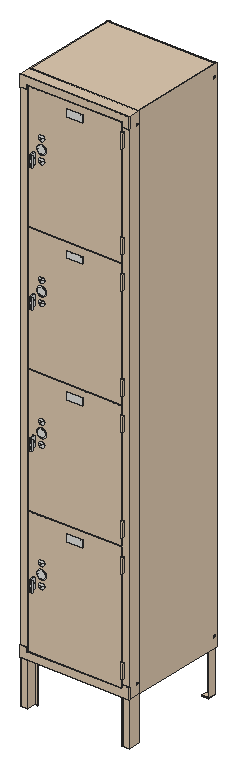
Revit family "Metal_Vented_Lockers-Salsbury_Industries-84000_Series-1_Wide_Units", category Specialty Equipment, Revit 2016 (continued)
Definition of nested family "Vents"
  Lines and regions (in)
    model lines
      curve 84: line (0.12647, 0, 45.07983) -> (0.37669, 0, 44.42965)
      curve 85: spline (-0.12218, 0, 42.04129) -> (-0.10447, 0, 42.01216) -> (-0.08514, 0, 41.98773) -> (-0.06447, 0, 41.96837) -> (-0.04279, 0, 41.95439) -> (-0.02043, 0, 41.94599) -> (0.00227, 0, 41.94332) -> (0.02496, 0, 41.9464) -> (0.04728, 0, 41.95519) -> (0.0689, 0, 41.96955) -> (0.08949, 0, 41.98927) -> (0.10872, 0, 42.01405) -> (0.1263, 0, 42.04349)
      curve 86: line (-0.12218, 0, 42.04129) -> (-0.3738, 0, 42.69338)
      curve 87: line (0.1263, 0, 42.04349) -> (0.37669, 0, 42.69265)
      curve 88: spline (-0.12232, 0, 43.34511) -> (-0.1046, 0, 43.3744) -> (-0.08525, 0, 43.39898) -> (-0.06455, 0, 43.41844) -> (-0.04284, 0, 43.4325) -> (-0.02044, 0, 43.44094) -> (0.00229, 0, 43.44363) -> (0.02501, 0, 43.44053) -> (0.04737, 0, 43.43168) -> (0.06902, 0, 43.41722) -> (0.08963, 0, 43.39738) -> (0.10888, 0, 43.37245) -> (0.12647, 0, 43.34283)
      curve 89: line (-0.12232, 0, 43.34511) -> (-0.3738, 0, 42.69338)
      curve 90: line (0.12647, 0, 43.34283) -> (0.37669, 0, 42.69265)
      curve 91: spline (-0.12218, 0, 40.30429) -> (-0.10447, 0, 40.27516) -> (-0.08514, 0, 40.25073) -> (-0.06447, 0, 40.23137) -> (-0.04279, 0, 40.21739) -> (-0.02043, 0, 40.20899) -> (0.00227, 0, 40.20632) -> (0.02496, 0, 40.2094) -> (0.04728, 0, 40.21819) -> (0.0689, 0, 40.23255) -> (0.08949, 0, 40.25227) -> (0.10872, 0, 40.27705) -> (0.1263, 0, 40.30649)
      curve 92: line (-0.12218, 0, 40.30429) -> (-0.3738, 0, 40.95638)
      curve 93: line (0.1263, 0, 40.30649) -> (0.37669, 0, 40.95565)
      curve 94: spline (-0.12232, 0, 41.60811) -> (-0.1046, 0, 41.6374) -> (-0.08525, 0, 41.66198) -> (-0.06455, 0, 41.68144) -> (-0.04284, 0, 41.6955) -> (-0.02044, 0, 41.70394) -> (0.00229, 0, 41.70663) -> (0.02501, 0, 41.70353) -> (0.04737, 0, 41.69468) -> (0.06902, 0, 41.68022) -> (0.08963, 0, 41.66038) -> (0.10888, 0, 41.63545) -> (0.12647, 0, 41.60583)
      curve 95: line (-0.12232, 0, 41.60811) -> (-0.3738, 0, 40.95638)
      curve 96: line (0.12647, 0, 41.60583) -> (0.37669, 0, 40.95565)
      curve 97: spline (-0.12218, 0, 38.56729) -> (-0.10447, 0, 38.53816) -> (-0.08514, 0, 38.51373) -> (-0.06447, 0, 38.49437) -> (-0.04279, 0, 38.48039) -> (-0.02043, 0, 38.47199) -> (0.00227, 0, 38.46932) -> (0.02496, 0, 38.4724) -> (0.04728, 0, 38.48119) -> (0.0689, 0, 38.49555) -> (0.08949, 0, 38.51527) -> (0.10872, 0, 38.54005) -> (0.1263, 0, 38.56949)
      curve 98: line (-0.12218, 0, 38.56729) -> (-0.3738, 0, 39.21938)
      curve 99: line (0.1263, 0, 38.56949) -> (0.37669, 0, 39.21865)
      curve 100: spline (-0.12232, 0, 39.87111) -> (-0.1046, 0, 39.9004) -> (-0.08525, 0, 39.92498) -> (-0.06455, 0, 39.94444) -> (-0.04284, 0, 39.9585) -> (-0.02044, 0, 39.96694) -> (0.00229, 0, 39.96963) -> (0.02501, 0, 39.96653) -> (0.04737, 0, 39.95768) -> (0.06902, 0, 39.94322) -> (0.08963, 0, 39.92338) -> (0.10888, 0, 39.89845) -> (0.12647, 0, 39.86883)
      curve 101: line (-0.12232, 0, 39.87111) -> (-0.3738, 0, 39.21938)
      curve 102: line (0.12647, 0, 39.86883) -> (0.37669, 0, 39.21865)
      curve 103: spline (-0.12218, 0, 36.83029) -> (-0.10447, 0, 36.80116) -> (-0.08514, 0, 36.77673) -> (-0.06447, 0, 36.75737) -> (-0.04279, 0, 36.74339) -> (-0.02043, 0, 36.73499) -> (0.00227, 0, 36.73232) -> (0.02496, 0, 36.7354) -> (0.04728, 0, 36.74419) -> (0.0689, 0, 36.75855) -> (0.08949, 0, 36.77827) -> (0.10872, 0, 36.80305) -> (0.1263, 0, 36.83249)
      curve 104: line (-0.12218, 0, 36.83029) -> (-0.3738, 0, 37.48238)
      curve 105: line (0.1263, 0, 36.83249) -> (0.37669, 0, 37.48165)
      curve 106: spline (-0.12232, 0, 38.13411) -> (-0.1046, 0, 38.1634) -> (-0.08525, 0, 38.18798) -> (-0.06455, 0, 38.20744) -> (-0.04284, 0, 38.2215) -> (-0.02044, 0, 38.22994) -> (0.00229, 0, 38.23263) -> (0.02501, 0, 38.22953) -> (0.04737, 0, 38.22068) -> (0.06902, 0, 38.20622) -> (0.08963, 0, 38.18638) -> (0.10888, 0, 38.16145) -> (0.12647, 0, 38.13183)
      curve 107: line (-0.12232, 0, 38.13411) -> (-0.3738, 0, 37.48238)
      curve 108: line (0.12647, 0, 38.13183) -> (0.37669, 0, 37.48165)
      curve 109: spline (-0.12218, 0, 35.09329) -> (-0.10447, 0, 35.06416) -> (-0.08514, 0, 35.03973) -> (-0.06447, 0, 35.02037) -> (-0.04279, 0, 35.00639) -> (-0.02043, 0, 34.99799) -> (0.00227, 0, 34.99532) -> (0.02496, 0, 34.9984) -> (0.04728, 0, 35.00719) -> (0.0689, 0, 35.02155) -> (0.08949, 0, 35.04127) -> (0.10872, 0, 35.06605) -> (0.1263, 0, 35.09549)
      curve 110: line (-0.12218, 0, 35.09329) -> (-0.3738, 0, 35.74538)
      curve 111: line (0.1263, 0, 35.09549) -> (0.37669, 0, 35.74465)
      curve 112: spline (-0.12232, 0, 36.39711) -> (-0.1046, 0, 36.4264) -> (-0.08525, 0, 36.45098) -> (-0.06455, 0, 36.47044) -> (-0.04284, 0, 36.4845) -> (-0.02044, 0, 36.49294) -> (0.00229, 0, 36.49563) -> (0.02501, 0, 36.49253) -> (0.04737, 0, 36.48368) -> (0.06902, 0, 36.46922) -> (0.08963, 0, 36.44938) -> (0.10888, 0, 36.42445) -> (0.12647, 0, 36.39483)
      curve 113: line (-0.12232, 0, 36.39711) -> (-0.3738, 0, 35.74538)
      curve 114: line (0.12647, 0, 36.39483) -> (0.37669, 0, 35.74465)
      curve 115: spline (-0.12218, 0, 33.35629) -> (-0.10447, 0, 33.32716) -> (-0.08514, 0, 33.30273) -> (-0.06447, 0, 33.28337) -> (-0.04279, 0, 33.26939) -> (-0.02043, 0, 33.26099) -> (0.00227, 0, 33.25832) -> (0.02496, 0, 33.2614) -> (0.04728, 0, 33.27019) -> (0.0689, 0, 33.28455) -> (0.08949, 0, 33.30427) -> (0.10872, 0, 33.32905) -> (0.1263, 0, 33.35849)
      curve 116: line (-0.12218, 0, 33.35629) -> (-0.3738, 0, 34.00838)
      curve 117: line (0.1263, 0, 33.35849) -> (0.37669, 0, 34.00765)
      curve 118: spline (-0.12232, 0, 34.66011) -> (-0.1046, 0, 34.6894) -> (-0.08525, 0, 34.71398) -> (-0.06455, 0, 34.73344) -> (-0.04284, 0, 34.7475) -> (-0.02044, 0, 34.75594) -> (0.00229, 0, 34.75863) -> (0.02501, 0, 34.75553) -> (0.04737, 0, 34.74668) -> (0.06902, 0, 34.73222) -> (0.08963, 0, 34.71238) -> (0.10888, 0, 34.68745) -> (0.12647, 0, 34.65783)
      curve 119: line (-0.12232, 0, 34.66011) -> (-0.3738, 0, 34.00838)
      curve 120: line (0.12647, 0, 34.65783) -> (0.37669, 0, 34.00765)
      curve 121: spline (-0.12218, 0, 31.61929) -> (-0.10447, 0, 31.59016) -> (-0.08514, 0, 31.56573) -> (-0.06447, 0, 31.54637) -> (-0.04279, 0, 31.53239) -> (-0.02043, 0, 31.52399) -> (0.00227, 0, 31.52132) -> (0.02496, 0, 31.5244) -> (0.04728, 0, 31.53319) -> (0.0689, 0, 31.54755) -> (0.08949, 0, 31.56727) -> (0.10872, 0, 31.59205) -> (0.1263, 0, 31.62149)
      curve 122: line (-0.12218, 0, 31.61929) -> (-0.3738, 0, 32.27138)
      curve 123: line (0.1263, 0, 31.62149) -> (0.37669, 0, 32.27065)
      curve 124: spline (-0.12232, 0, 32.92311) -> (-0.1046, 0, 32.9524) -> (-0.08525, 0, 32.97698) -> (-0.06455, 0, 32.99644) -> (-0.04284, 0, 33.0105) -> (-0.02044, 0, 33.01894) -> (0.00229, 0, 33.02163) -> (0.02501, 0, 33.01853) -> (0.04737, 0, 33.00968) -> (0.06902, 0, 32.99522) -> (0.08963, 0, 32.97538) -> (0.10888, 0, 32.95045) -> (0.12647, 0, 32.92083)
      curve 125: line (-0.12232, 0, 32.92311) -> (-0.3738, 0, 32.27138)
      curve 126: line (0.12647, 0, 32.92083) -> (0.37669, 0, 32.27065)
      curve 127: spline (-0.12218, 0, 29.88229) -> (-0.10447, 0, 29.85316) -> (-0.08514, 0, 29.82873) -> (-0.06447, 0, 29.80937) -> (-0.04279, 0, 29.79539) -> (-0.02043, 0, 29.78699) -> (0.00227, 0, 29.78432) -> (0.02496, 0, 29.7874) -> (0.04728, 0, 29.79619) -> (0.0689, 0, 29.81055) -> (0.08949, 0, 29.83027) -> (0.10872, 0, 29.85505) -> (0.1263, 0, 29.88449)
      curve 128: line (-0.12218, 0, 29.88229) -> (-0.3738, 0, 30.53438)
      curve 129: line (0.1263, 0, 29.88449) -> (0.37669, 0, 30.53365)
      curve 130: spline (-0.12232, 0, 31.18611) -> (-0.1046, 0, 31.2154) -> (-0.08525, 0, 31.23998) -> (-0.06455, 0, 31.25944) -> (-0.04284, 0, 31.2735) -> (-0.02044, 0, 31.28194) -> (0.00229, 0, 31.28463) -> (0.02501, 0, 31.28153) -> (0.04737, 0, 31.27268) -> (0.06902, 0, 31.25822) -> (0.08963, 0, 31.23838) -> (0.10888, 0, 31.21345) -> (0.12647, 0, 31.18383)
      curve 131: line (-0.12232, 0, 31.18611) -> (-0.3738, 0, 30.53438)
      curve 132: line (0.12647, 0, 31.18383) -> (0.37669, 0, 30.53365)
      curve 133: spline (-0.12218, 0, 28.14529) -> (-0.10447, 0, 28.11616) -> (-0.08514, 0, 28.09173) -> (-0.06447, 0, 28.07237) -> (-0.04279, 0, 28.05839) -> (-0.02043, 0, 28.04999) -> (0.00227, 0, 28.04732) -> (0.02496, 0, 28.0504) -> (0.04728, 0, 28.05919) -> (0.0689, 0, 28.07355) -> (0.08949, 0, 28.09327) -> (0.10872, 0, 28.11805) -> (0.1263, 0, 28.14749)
      curve 134: line (-0.12218, 0, 28.14529) -> (-0.3738, 0, 28.79738)
      curve 135: line (0.1263, 0, 28.14749) -> (0.37669, 0, 28.79665)
      curve 136: spline (-0.12232, 0, 29.44911) -> (-0.1046, 0, 29.4784) -> (-0.08525, 0, 29.50298) -> (-0.06455, 0, 29.52244) -> (-0.04284, 0, 29.5365) -> (-0.02044, 0, 29.54494) -> (0.00229, 0, 29.54763) -> (0.02501, 0, 29.54453) -> (0.04737, 0, 29.53568) -> (0.06902, 0, 29.52122) -> (0.08963, 0, 29.50138) -> (0.10888, 0, 29.47645) -> (0.12647, 0, 29.44683)
      curve 137: line (-0.12232, 0, 29.44911) -> (-0.3738, 0, 28.79738)
      curve 138: line (0.12647, 0, 29.44683) -> (0.37669, 0, 28.79665)
      curve 139: spline (-0.12218, 0, 26.40829) -> (-0.10447, 0, 26.37916) -> (-0.08514, 0, 26.35473) -> (-0.06447, 0, 26.33537) -> (-0.04279, 0, 26.32139) -> (-0.02043, 0, 26.31299) -> (0.00227, 0, 26.31032) -> (0.02496, 0, 26.3134) -> (0.04728, 0, 26.32219) -> (0.0689, 0, 26.33655) -> (0.08949, 0, 26.35627) -> (0.10872, 0, 26.38105) -> (0.1263, 0, 26.41049)
      curve 140: line (-0.12218, 0, 26.40829) -> (-0.3738, 0, 27.06038)
      curve 141: line (0.1263, 0, 26.41049) -> (0.37669, 0, 27.05965)
      curve 142: spline (-0.12232, 0, 27.71211) -> (-0.1046, 0, 27.7414) -> (-0.08525, 0, 27.76598) -> (-0.06455, 0, 27.78544) -> (-0.04284, 0, 27.7995) -> (-0.02044, 0, 27.80794) -> (0.00229, 0, 27.81063) -> (0.02501, 0, 27.80753) -> (0.04737, 0, 27.79868) -> (0.06902, 0, 27.78422) -> (0.08963, 0, 27.76438) -> (0.10888, 0, 27.73945) -> (0.12647, 0, 27.70983)
      curve 143: line (-0.12232, 0, 27.71211) -> (-0.3738, 0, 27.06038)
      curve 144: line (0.12647, 0, 27.70983) -> (0.37669, 0, 27.05965)
      curve 145: spline (-0.12218, 0, 24.67129) -> (-0.10447, 0, 24.64216) -> (-0.08514, 0, 24.61773) -> (-0.06447, 0, 24.59837) -> (-0.04279, 0, 24.58439) -> (-0.02043, 0, 24.57599) -> (0.00227, 0, 24.57332) -> (0.02496, 0, 24.5764) -> (0.04728, 0, 24.58519) -> (0.0689, 0, 24.59955) -> (0.08949, 0, 24.61927) -> (0.10872, 0, 24.64405) -> (0.1263, 0, 24.67349)
      curve 146: line (-0.12218, 0, 24.67129) -> (-0.3738, 0, 25.32338)
      curve 147: line (0.1263, 0, 24.67349) -> (0.37669, 0, 25.32265)
      curve 148: spline (-0.12232, 0, 25.97511) -> (-0.1046, 0, 26.0044) -> (-0.08525, 0, 26.02898) -> (-0.06455, 0, 26.04844) -> (-0.04284, 0, 26.0625) -> (-0.02044, 0, 26.07094) -> (0.00229, 0, 26.07363) -> (0.02501, 0, 26.07053) -> (0.04737, 0, 26.06168) -> (0.06902, 0, 26.04722) -> (0.08963, 0, 26.02738) -> (0.10888, 0, 26.00245) -> (0.12647, 0, 25.97283)
      curve 149: line (-0.12232, 0, 25.97511) -> (-0.3738, 0, 25.32338)
      curve 150: line (0.12647, 0, 25.97283) -> (0.37669, 0, 25.32265)
      curve 151: spline (-0.12218, 0, 22.93429) -> (-0.10447, 0, 22.90516) -> (-0.08514, 0, 22.88073) -> (-0.06447, 0, 22.86137) -> (-0.04279, 0, 22.84739) -> (-0.02043, 0, 22.83899) -> (0.00227, 0, 22.83632) -> (0.02496, 0, 22.8394) -> (0.04728, 0, 22.84819) -> (0.0689, 0, 22.86255) -> (0.08949, 0, 22.88227) -> (0.10872, 0, 22.90705) -> (0.1263, 0, 22.93649)
      curve 152: line (-0.12218, 0, 22.93429) -> (-0.3738, 0, 23.58638)
      curve 153: line (0.1263, 0, 22.93649) -> (0.37669, 0, 23.58565)
      curve 154: spline (-0.12232, 0, 24.23811) -> (-0.1046, 0, 24.2674) -> (-0.08525, 0, 24.29198) -> (-0.06455, 0, 24.31144) -> (-0.04284, 0, 24.3255) -> (-0.02044, 0, 24.33394) -> (0.00229, 0, 24.33663) -> (0.02501, 0, 24.33353) -> (0.04737, 0, 24.32468) -> (0.06902, 0, 24.31022) -> (0.08963, 0, 24.29038) -> (0.10888, 0, 24.26545) -> (0.12647, 0, 24.23583)
      curve 155: line (-0.12232, 0, 24.23811) -> (-0.3738, 0, 23.58638)
      curve 156: line (0.12647, 0, 24.23583) -> (0.37669, 0, 23.58565)
      curve 157: spline (-0.12218, 0, 21.19729) -> (-0.10447, 0, 21.16816) -> (-0.08514, 0, 21.14373) -> (-0.06447, 0, 21.12437) -> (-0.04279, 0, 21.11039) -> (-0.02043, 0, 21.10199) -> (0.00227, 0, 21.09932) -> (0.02496, 0, 21.1024) -> (0.04728, 0, 21.11119) -> (0.0689, 0, 21.12555) -> (0.08949, 0, 21.14527) -> (0.10872, 0, 21.17005) -> (0.1263, 0, 21.19949)
      curve 158: line (-0.12218, 0, 21.19729) -> (-0.3738, 0, 21.84938)
      curve 159: line (0.1263, 0, 21.19949) -> (0.37669, 0, 21.84865)
      curve 160: spline (-0.12232, 0, 22.50111) -> (-0.1046, 0, 22.5304) -> (-0.08525, 0, 22.55498) -> (-0.06455, 0, 22.57444) -> (-0.04284, 0, 22.5885) -> (-0.02044, 0, 22.59694) -> (0.00229, 0, 22.59963) -> (0.02501, 0, 22.59653) -> (0.04737, 0, 22.58768) -> (0.06902, 0, 22.57322) -> (0.08963, 0, 22.55338) -> (0.10888, 0, 22.52845) -> (0.12647, 0, 22.49883)
      curve 161: line (-0.12232, 0, 22.50111) -> (-0.3738, 0, 21.84938)
      curve 162: line (0.12647, 0, 22.49883) -> (0.37669, 0, 21.84865)
      curve 163: spline (-0.12218, 0, 19.46029) -> (-0.10447, 0, 19.43116) -> (-0.08514, 0, 19.40673) -> (-0.06447, 0, 19.38737) -> (-0.04279, 0, 19.37339) -> (-0.02043, 0, 19.36499) -> (0.00227, 0, 19.36232) -> (0.02496, 0, 19.3654) -> (0.04728, 0, 19.37419) -> (0.0689, 0, 19.38855) -> (0.08949, 0, 19.40827) -> (0.10872, 0, 19.43305) -> (0.1263, 0, 19.46249)
      curve 164: line (-0.12218, 0, 19.46029) -> (-0.3738, 0, 20.11238)
      curve 165: line (0.1263, 0, 19.46249) -> (0.37669, 0, 20.11165)
      curve 166: spline (-0.12232, 0, 20.76411) -> (-0.1046, 0, 20.7934) -> (-0.08525, 0, 20.81798) -> (-0.06455, 0, 20.83744) -> (-0.04284, 0, 20.8515) -> (-0.02044, 0, 20.85994) -> (0.00229, 0, 20.86263) -> (0.02501, 0, 20.85953) -> (0.04737, 0, 20.85068) -> (0.06902, 0, 20.83622) -> (0.08963, 0, 20.81638) -> (0.10888, 0, 20.79145) -> (0.12647, 0, 20.76183)
      curve 167: line (-0.12232, 0, 20.76411) -> (-0.3738, 0, 20.11238)
      curve 168: line (0.12647, 0, 20.76183) -> (0.37669, 0, 20.11165)
      curve 197: spline (-0.12218, 0, 17.72329) -> (-0.10447, 0, 17.69416) -> (-0.08514, 0, 17.66973) -> (-0.06447, 0, 17.65037) -> (-0.04279, 0, 17.63639) -> (-0.02043, 0, 17.62799) -> (0.00227, 0, 17.62532) -> (0.02496, 0, 17.6284) -> (0.04728, 0, 17.63719) -> (0.0689, 0, 17.65155) -> (0.08949, 0, 17.67127) -> (0.10872, 0, 17.69605) -> (0.1263, 0, 17.72549)
      curve 198: line (-0.12218, 0, 17.72329) -> (-0.3738, 0, 18.37538)
      curve 199: line (0.1263, 0, 17.72549) -> (0.37669, 0, 18.37465)
      curve 200: spline (-0.12232, 0, 19.02711) -> (-0.1046, 0, 19.0564) -> (-0.08525, 0, 19.08098) -> (-0.06455, 0, 19.10044) -> (-0.04284, 0, 19.1145) -> (-0.02044, 0, 19.12294) -> (0.00229, 0, 19.12563) -> (0.02501, 0, 19.12253) -> (0.04737, 0, 19.11368) -> (0.06902, 0, 19.09922) -> (0.08963, 0, 19.07938) -> (0.10888, 0, 19.05445) -> (0.12647, 0, 19.02483)
      curve 201: line (-0.12232, 0, 19.02711) -> (-0.3738, 0, 18.37538)
      curve 202: line (0.12647, 0, 19.02483) -> (0.37669, 0, 18.37465)
      curve 204: spline (-0.12218, 0, 15.98629) -> (-0.10447, 0, 15.95716) -> (-0.08514, 0, 15.93273) -> (-0.06447, 0, 15.91337) -> (-0.04279, 0, 15.89939) -> (-0.02043, 0, 15.89099) -> (0.00227, 0, 15.88832) -> (0.02496, 0, 15.8914) -> (0.04728, 0, 15.90019) -> (0.0689, 0, 15.91455) -> (0.08949, 0, 15.93427) -> (0.10872, 0, 15.95905) -> (0.1263, 0, 15.98849)
      curve 205: line (-0.12218, 0, 15.98629) -> (-0.3738, 0, 16.63838)
      curve 206: line (0.1263, 0, 15.98849) -> (0.37669, 0, 16.63765)
      curve 207: spline (-0.12232, 0, 17.29011) -> (-0.1046, 0, 17.3194) -> (-0.08525, 0, 17.34398) -> (-0.06455, 0, 17.36344) -> (-0.04284, 0, 17.3775) -> (-0.02044, 0, 17.38594) -> (0.00229, 0, 17.38863) -> (0.02501, 0, 17.38553) -> (0.04737, 0, 17.37668) -> (0.06902, 0, 17.36222) -> (0.08963, 0, 17.34238) -> (0.10888, 0, 17.31745) -> (0.12647, 0, 17.28783)
      curve 208: line (-0.12232, 0, 17.29011) -> (-0.3738, 0, 16.63838)
      curve 209: line (0.12647, 0, 17.28783) -> (0.37669, 0, 16.63765)
      curve 211: spline (-0.12218, 0, 14.24929) -> (-0.10447, 0, 14.22016) -> (-0.08514, 0, 14.19573) -> (-0.06447, 0, 14.17637) -> (-0.04279, 0, 14.16239) -> (-0.02043, 0, 14.15399) -> (0.00227, 0, 14.15132) -> (0.02496, 0, 14.1544) -> (0.04728, 0, 14.16319) -> (0.0689, 0, 14.17755) -> (0.08949, 0, 14.19727) -> (0.10872, 0, 14.22205) -> (0.1263, 0, 14.25149)
      curve 212: line (-0.12218, 0, 14.24929) -> (-0.3738, 0, 14.90138)
      curve 213: line (0.1263, 0, 14.25149) -> (0.37669, 0, 14.90065)
      curve 214: spline (-0.12232, 0, 15.55311) -> (-0.1046, 0, 15.5824) -> (-0.08525, 0, 15.60698) -> (-0.06455, 0, 15.62644) -> (-0.04284, 0, 15.6405) -> (-0.02044, 0, 15.64894) -> (0.00229, 0, 15.65163) -> (0.02501, 0, 15.64853) -> (0.04737, 0, 15.63968) -> (0.06902, 0, 15.62522) -> (0.08963, 0, 15.60538) -> (0.10888, 0, 15.58045) -> (0.12647, 0, 15.55083)
      curve 215: line (-0.12232, 0, 15.55311) -> (-0.3738, 0, 14.90138)
      curve 216: line (0.12647, 0, 15.55083) -> (0.37669, 0, 14.90065)
      curve 218: spline (-0.12218, 0, 12.51229) -> (-0.10447, 0, 12.48316) -> (-0.08514, 0, 12.45873) -> (-0.06447, 0, 12.43937) -> (-0.04279, 0, 12.42539) -> (-0.02043, 0, 12.41699) -> (0.00227, 0, 12.41432) -> (0.02496, 0, 12.4174) -> (0.04728, 0, 12.42619) -> (0.0689, 0, 12.44055) -> (0.08949, 0, 12.46027) -> (0.10872, 0, 12.48505) -> (0.1263, 0, 12.51449)
      curve 219: line (-0.12218, 0, 12.51229) -> (-0.3738, 0, 13.16438)
      curve 220: line (0.1263, 0, 12.51449) -> (0.37669, 0, 13.16365)
      curve 221: spline (-0.12232, 0, 13.81611) -> (-0.1046, 0, 13.8454) -> (-0.08525, 0, 13.86998) -> (-0.06455, 0, 13.88944) -> (-0.04284, 0, 13.9035) -> (-0.02044, 0, 13.91194) -> (0.00229, 0, 13.91463) -> (0.02501, 0, 13.91153) -> (0.04737, 0, 13.90268) -> (0.06902, 0, 13.88822) -> (0.08963, 0, 13.86838) -> (0.10888, 0, 13.84345) -> (0.12647, 0, 13.81383)
      curve 222: line (-0.12232, 0, 13.81611) -> (-0.3738, 0, 13.16438)
      curve 223: line (0.12647, 0, 13.81383) -> (0.37669, 0, 13.16365)
      curve 225: spline (-0.12218, 0, 10.77529) -> (-0.10447, 0, 10.74616) -> (-0.08514, 0, 10.72173) -> (-0.06447, 0, 10.70237) -> (-0.04279, 0, 10.68839) -> (-0.02043, 0, 10.67999) -> (0.00227, 0, 10.67732) -> (0.02496, 0, 10.6804) -> (0.04728, 0, 10.68919) -> (0.0689, 0, 10.70355) -> (0.08949, 0, 10.72327) -> (0.10872, 0, 10.74805) -> (0.1263, 0, 10.77749)
      curve 226: line (-0.12218, 0, 10.77529) -> (-0.3738, 0, 11.42738)
      curve 227: line (0.1263, 0, 10.77749) -> (0.37669, 0, 11.42665)
      curve 228: spline (-0.12232, 0, 12.07911) -> (-0.1046, 0, 12.1084) -> (-0.08525, 0, 12.13298) -> (-0.06455, 0, 12.15244) -> (-0.04284, 0, 12.1665) -> (-0.02044, 0, 12.17494) -> (0.00229, 0, 12.17763) -> (0.02501, 0, 12.17453) -> (0.04737, 0, 12.16568) -> (0.06902, 0, 12.15122) -> (0.08963, 0, 12.13138) -> (0.10888, 0, 12.10645) -> (0.12647, 0, 12.07683)
      curve 229: line (-0.12232, 0, 12.07911) -> (-0.3738, 0, 11.42738)
      curve 230: line (0.12647, 0, 12.07683) -> (0.37669, 0, 11.42665)
      curve 232: spline (-0.12218, 0, 9.03829) -> (-0.10447, 0, 9.00916) -> (-0.08514, 0, 8.98473) -> (-0.06447, 0, 8.96537) -> (-0.04279, 0, 8.95139) -> (-0.02043, 0, 8.94299) -> (0.00227, 0, 8.94032) -> (0.02496, 0, 8.9434) -> (0.04728, 0, 8.95219) -> (0.0689, 0, 8.96655) -> (0.08949, 0, 8.98627) -> (0.10872, 0, 9.01105) -> (0.1263, 0, 9.04049)
      curve 233: line (-0.12218, 0, 9.03829) -> (-0.3738, 0, 9.69038)
      curve 234: line (0.1263, 0, 9.04049) -> (0.37669, 0, 9.68965)
      curve 235: spline (-0.12232, 0, 10.34211) -> (-0.1046, 0, 10.3714) -> (-0.08525, 0, 10.39598) -> (-0.06455, 0, 10.41544) -> (-0.04284, 0, 10.4295) -> (-0.02044, 0, 10.43794) -> (0.00229, 0, 10.44063) -> (0.02501, 0, 10.43753) -> (0.04737, 0, 10.42868) -> (0.06902, 0, 10.41422) -> (0.08963, 0, 10.39438) -> (0.10888, 0, 10.36945) -> (0.12647, 0, 10.33983)
      curve 236: line (-0.12232, 0, 10.34211) -> (-0.3738, 0, 9.69038)
      curve 237: line (0.12647, 0, 10.33983) -> (0.37669, 0, 9.68965)
      curve 239: spline (-0.12218, 0, 7.30129) -> (-0.10447, 0, 7.27216) -> (-0.08514, 0, 7.24773) -> (-0.06447, 0, 7.22837) -> (-0.04279, 0, 7.21439) -> (-0.02043, 0, 7.20599) -> (0.00227, 0, 7.20332) -> (0.02496, 0, 7.2064) -> (0.04728, 0, 7.21519) -> (0.0689, 0, 7.22955) -> (0.08949, 0, 7.24927) -> (0.10872, 0, 7.27405) -> (0.1263, 0, 7.30349)
      curve 240: line (-0.12218, 0, 7.30129) -> (-0.3738, 0, 7.95338)
      curve 241: line (0.1263, 0, 7.30349) -> (0.37669, 0, 7.95265)
      curve 242: spline (-0.12232, 0, 8.60511) -> (-0.1046, 0, 8.6344) -> (-0.08525, 0, 8.65898) -> (-0.06455, 0, 8.67844) -> (-0.04284, 0, 8.6925) -> (-0.02044, 0, 8.70094) -> (0.00229, 0, 8.70363) -> (0.02501, 0, 8.70053) -> (0.04737, 0, 8.69168) -> (0.06902, 0, 8.67722) -> (0.08963, 0, 8.65738) -> (0.10888, 0, 8.63245) -> (0.12647, 0, 8.60283)
      curve 243: line (-0.12232, 0, 8.60511) -> (-0.3738, 0, 7.95338)
      curve 244: line (0.12647, 0, 8.60283) -> (0.37669, 0, 7.95265)
      curve 246: spline (-0.12218, 0, 5.56429) -> (-0.10447, 0, 5.53516) -> (-0.08514, 0, 5.51073) -> (-0.06447, 0, 5.49137) -> (-0.04279, 0, 5.47739) -> (-0.02043, 0, 5.46899) -> (0.00227, 0, 5.46632) -> (0.02496, 0, 5.4694) -> (0.04728, 0, 5.47819) -> (0.0689, 0, 5.49255) -> (0.08949, 0, 5.51227) -> (0.10872, 0, 5.53705) -> (0.1263, 0, 5.56649)
      curve 247: line (-0.12218, 0, 5.56429) -> (-0.3738, 0, 6.21638)
      curve 248: line (0.1263, 0, 5.56649) -> (0.37669, 0, 6.21565)
      curve 249: spline (-0.12232, 0, 6.86811) -> (-0.1046, 0, 6.8974) -> (-0.08525, 0, 6.92198) -> (-0.06455, 0, 6.94144) -> (-0.04284, 0, 6.9555) -> (-0.02044, 0, 6.96394) -> (0.00229, 0, 6.96663) -> (0.02501, 0, 6.96353) -> (0.04737, 0, 6.95468) -> (0.06902, 0, 6.94022) -> (0.08963, 0, 6.92038) -> (0.10888, 0, 6.89545) -> (0.12647, 0, 6.86583)
      curve 250: line (-0.12232, 0, 6.86811) -> (-0.3738, 0, 6.21638)
      curve 251: line (0.12647, 0, 6.86583) -> (0.37669, 0, 6.21565)
    reference lines
      curve 169: line (-0.37307, 0, 67.00949) -> (0.37714, 0, 67.00949)
      curve 170: line (-0.37307, 0, 65.27249) -> (0.37714, 0, 65.27249)
      curve 171: line (-0.37307, 0, 63.53549) -> (0.37714, 0, 63.53549)
      curve 172: line (-0.37307, 0, 61.79849) -> (0.37714, 0, 61.79849)
      curve 173: line (-0.37307, 0, 60.06149) -> (0.37714, 0, 60.06149)
      curve 174: line (-0.37307, 0, 58.32449) -> (0.37714, 0, 58.32449)
      curve 175: line (-0.37307, 0, 56.58749) -> (0.37714, 0, 56.58749)
      curve 176: line (-0.37307, 0, 54.85049) -> (0.37714, 0, 54.85049)
      curve 177: line (-0.37307, 0, 53.11349) -> (0.37714, 0, 53.11349)
      curve 178: line (-0.37307, 0, 51.37649) -> (0.37714, 0, 51.37649)
      curve 179: line (-0.37307, 0, 49.63949) -> (0.37714, 0, 49.63949)
      curve 180: line (-0.37307, 0, 47.90249) -> (0.37714, 0, 47.90249)
      curve 181: line (-0.37307, 0, 46.16549) -> (0.37714, 0, 46.16549)
      curve 182: line (-0.37307, 0, 44.42849) -> (0.37714, 0, 44.42849)
      curve 183: line (-0.37307, 0, 42.69149) -> (0.37714, 0, 42.69149)
      curve 184: line (-0.37307, 0, 40.95449) -> (0.37714, 0, 40.95449)
      curve 185: line (-0.37307, 0, 39.21749) -> (0.37714, 0, 39.21749)
      curve 186: line (-0.37307, 0, 37.48049) -> (0.37714, 0, 37.48049)
      curve 187: line (-0.37307, 0, 35.74349) -> (0.37714, 0, 35.74349)
      curve 188: line (-0.37307, 0, 34.00649) -> (0.37714, 0, 34.00649)
      curve 189: line (-0.37307, 0, 32.26949) -> (0.37714, 0, 32.26949)
      curve 190: line (-0.37307, 0, 30.53249) -> (0.37714, 0, 30.53249)
      curve 191: line (-0.37307, 0, 28.79549) -> (0.37714, 0, 28.79549)
      curve 192: line (-0.37307, 0, 27.05849) -> (0.37714, 0, 27.05849)
      curve 193: line (-0.37307, 0, 25.32149) -> (0.37714, 0, 25.32149)
      curve 194: line (-0.37307, 0, 23.58449) -> (0.37714, 0, 23.58449)
      curve 195: line (-0.37307, 0, 21.84749) -> (0.37714, 0, 21.84749)
      curve 196: line (-0.37307, 0, 20.11049) -> (0.37714, 0, 20.11049)
      curve 203: line (-0.37307, 0, 18.37349) -> (0.37714, 0, 18.37349)
      curve 210: line (-0.37307, 0, 16.63649) -> (0.37714, 0, 16.63649)
      curve 217: line (-0.37307, 0, 14.89949) -> (0.37714, 0, 14.89949)
      curve 224: line (-0.37307, 0, 13.16249) -> (0.37714, 0, 13.16249)
      curve 231: line (-0.37307, 0, 11.42549) -> (0.37714, 0, 11.42549)
      curve 238: line (-0.37307, 0, 9.68849) -> (0.37714, 0, 9.68849)
      curve 245: line (-0.37307, 0, 7.95149) -> (0.37714, 0, 7.95149)
      curve 252: line (-0.37307, 0, 6.21449) -> (0.37714, 0, 6.21449)
  Dimensions and locks (in)
    equal spacing: group 1, group 2, group 3, group 4, group 5, group 6, group 7, group 8, group 9, group 10, group 11, group 12, group 13, group 14, group 15, group 16, group 17, group 18, group 19, group 20, group 21, group 22, group 23, group 24, group 25, group 26, group 27, group 28, group 29, group 30, group 31, group 32, group 33, group 34, group 35, group 36  (x2)
    equal spacing: group 36, group 35, group 34, group 33, group 32, group 31, group 30, group 29, group 28, group 27, group 26, group 25, group 24, group 23, group 22, group 21, group 20, group 19, group 18, group 17, group 16, group 15, group 14, group 13, group 12, group 11, group 10, group 9, group 8, group 7, group 6, group 5, group 4, group 3, group 2, group 1
    aligned and locked: level to plane 2
Types (7): name | Zee Base | Vent Offset | Vent Array 2 | Vent Array 1 | Unit Height including Sloping Hood Only | Sloping Hood Height | Overall Width including Rivets | Unit Height including Base Only | Overall Unit Height (including Base and Sloping Hood) | Model | Individual Door Width | Description | Depth | Base Height | Standard Leg Base
  (no name) | Metal Locker Zee Base : None | 3.500" | 7 | 8 | 80.682" | 8.682" | 15.120" | 78.000" | 86.682" | "84165" | 12.90055" | "1 Wide - 6 Feet High - 15 Inches Deep" | 15.010" | 6.000" | Metal Locker Legs : 6" High - 15"W x 15"D
  84165 - with Standard 6" High Legs | Metal Locker Zee Base : None | 3.500" | 7 | 8 | 80.682" | 8.682" | 15.120" | 78.000" | 86.682" | "84165" | 12.90055" | "1 Wide - 6 Feet High - 15 Inches Deep" | 15.010" | 6.000" | Metal Locker Legs : 6" High - 15"W x 15"D
  84168 - with Standard 6" High Legs | Metal Locker Zee Base : None | 3.750" | 9 | 10 | 82.739" | 10.739" | 15.120" | 78.000" | 88.739" | "84168" | 12.90055" | "1 Wide - 6 Feet High - 18 Inches Deep" | 18.010" | 6.000" | Metal Locker Legs : 6" High - 15"W x 18"D
  84165 - with 77575 Zee Base and 77550 Lockers without Legs | Metal Locker Zee Base : 77575 - 15"W x 15"D | 3.500" | 7 | 8 | 80.682" | 8.682" | 15.120" | 76.000" | 84.682" | "84165 with 77575 and 77550" | 12.90055" | "1 Wide - 6 Feet High - 15 Inches Deep with Zee Base and Lockers without Legs" | 15.010" | 4.000" | Metal Locker Legs : No Legs
  84168 - with 77578 Zee Base and 77550 Lockers without Legs | Metal Locker Zee Base : 77578 - 15"W x 18"D | 3.750" | 9 | 10 | 82.739" | 10.739" | 15.120" | 76.000" | 86.739" | "84168 with 77578 and 77550" | 12.90055" | "1 Wide - 6 Feet High - 18 Inches Deep with Zee Base and Lockers without Legs" | 18.010" | 4.000" | Metal Locker Legs : No Legs
  84165 - with 77550 Lockers without Legs | Metal Locker Zee Base : None | 3.500" | 7 | 8 | 80.682" | 8.682" | 12.120" | 72.000" | 80.682" | "84165 with 77550" | 9.90055" | "1 Wide - 6 Feet High - 15 Inches Deep with Lockers without Legs" | 15.010" | 0.000" | Metal Locker Legs : No Legs
  84168 - with 77550 Lockers without Legs | Metal Locker Zee Base : None | 3.750" | 9 | 10 | 82.739" | 10.739" | 12.120" | 72.000" | 82.739" | "84168 with 77550" | 9.90055" | "1 Wide - 6 Feet High - 18 Inches Deep with Lockers without Legs" | 18.010" | 0.000" | Metal Locker Legs : No Legs
